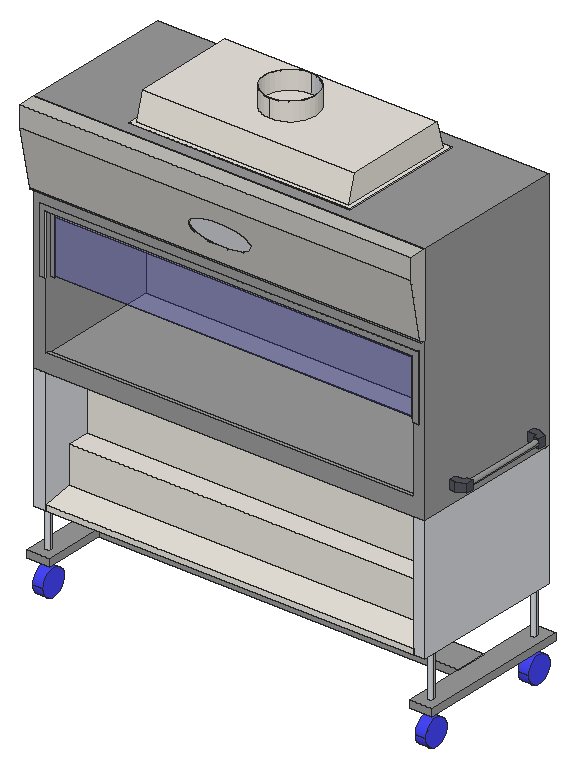
Revit family "NU-640 Class II Type A2 Animal Handling BSC W_NU-926", category Mechanical Equipment, Revit 2020
Family settings
  Round Connector Dimension = Use Diameter
  Part Type = Normal
  OmniClass Number = 23.75.00.00
  OmniClass Title = Climate Control (HVAC)
  Work Plane-Based = No
  Always vertical = Yes
  Cut with Voids When Loaded = No
  Shared = No
  Room Calculation Point = No
Parameters (values of type "NU-640-600_with NU-926 canopy")
  caster width = 6' - 1 1/8"
  Width = 6' - 2 43/64"
  Model = "NU-640-600 Class II Type A2 BSC"
  Manufacturer = "Nuaire Inc."
  Interior Width = 5' - 10 1/2"
  Exhaust Filter = 3' - 4 1/2"
  Description = "LabGard ES Energy Saver Class II, Type A2 Animal Handling Biosafety Cainet"
  Depth = 2' - 5 1/2"
  Default Elevation = 0' - 0"
  Cabinet Height = 3' - 10 9/16"
  Base Width = 6' - 5 53/128"
Types (4): name | caster width | Width | Model | Interior Width | Exhaust Filter | Base Width
  (no name) | 6' - 1 1/8" | 6' - 2 43/64" | "NU-640-600 Class II Type A2 BSC" | 5' - 10 1/2" | 3' - 4 1/2" | 6' - 5 53/128"
  NU-640-600_with NU-926 canopy | 6' - 1 1/8" | 6' - 2 43/64" | "NU-640-600 Class II Type A2 BSC" | 5' - 10 1/2" | 3' - 4 1/2" | 6' - 5 53/128"
  NU-640-500_with NU-926 canopy | 5' - 1 1/8" | 5' - 2 43/64" | "NU-640-500 Class II Type A2 BSC" | 4' - 10 1/2" | 2' - 10 1/2" | 5' - 5 53/128"
  NU-640-400_with NU-926 canopy | 4' - 1 1/8" | 4' - 2 43/64" | "NU-640-400 Class II Type A2 BSC" | 3' - 10 1/2" | 2' - 4 1/2" | 4' - 5 53/128"
Reference planes (in)
  plane 1 "Center (Front/Back)": y = 0
  plane 2: z = 0
  plane 3 "Center (Left/Right)": x = 0
  plane 4: z = 39.67188
  plane 5: z = 86.23438
  plane 6: z = 16.04747
  plane 7: z = 6.692
  plane 8: x = -35.25
  plane 9: x = 35.25
  plane 10: z = 84.10938
  plane 11: y = -13.75
  plane 12: y = -14.825
  plane 13: y = -13.5
  plane 14: y = -13.825
  plane 15: z = 8.067
  plane 16: z = 86.35937
  plane 17: z = 94.79687
  plane 18: z = 2.5
  plane 19: x = -36.5625
  plane 20: x = 36.5625
  plane 21: x = -35.5625
  plane 22: x = -37.55078
  plane 23: x = 35.5625
  plane 24: x = 37.55078
  plane 25: y = 12.3125
  plane 26: y = -12.3125
  plane 27: y = 14.5625
  plane 28: x = 25.67578
  plane 29: x = 23.4375
  plane 30: z = 44.35938
  plane 31: z = 42.85938
  plane 32: y = 11.0625
  plane 33: y = -9.0625
  plane 34: y = 8.9375
  plane 35: y = -10.1875
Forms (in)
  Extrusion 1, solid
    sketch origin (0, 0, 0) x (1, 0, 0) y (0, 1, 0)
      loop
        line (-37.33594, 14.75) -> (-37.33594, -14.75) -> (37.33594, -14.75) -> (37.33594, 14.75) -> (-37.33594, 14.75)
    from 39.67187 to 86.23437
  Extrusion 2, solid
    sketch origin (0, 0, 0) x (1, 0, 0) y (0, 1, 0)
      loop
        line (-37.33594, 14.75) -> (-37.33594, -14.75) -> (-35.16394, -14.75) -> (-35.16394, 14.75) -> (-37.33594, 14.75)
      loop
        line (37.33594, 14.75) -> (35.16394, 14.75) -> (35.16394, -14.75) -> (37.33594, -14.75) -> (37.33594, 14.75)
    from 16.04747 to 39.67187
  Extrusion 3, solid
    sketch origin (0, 0, 0) x (0, 1, 0) y (0, 0, 1)
      loop
        line (-4.875, 39.67187) -> (-4.875, 25.04687) -> (-9.1875, 25.04687) -> (-9.1875, 18.0187) -> (-14.75, 17.04747) -> (-14.75, 16.04747) -> (14.75, 16.04747) -> (14.75, 39.67187) -> (-4.875, 39.67187)
    from -35.16394 to 35.16394
  Extrusion 4, solid
    sketch origin (0, 0, 0) x (1, 0, 0) y (0, 1, 0)
      loop
        line (-38.70703, 14.75) -> (-38.70703, -14.75) -> (-34.39453, -14.75) -> (-34.39453, 14.75) -> (-38.70703, 14.75)
      loop
        line (38.70703, 14.75) -> (34.39453, 14.75) -> (34.39453, -14.75) -> (38.70703, -14.75) -> (38.70703, 14.75)
    from 6.692 to 8.067
  Extrusion 5, solid
    sketch origin (0, 0, 0) x (1, 0, 0) y (0, 1, 0)
      loop
        line (-34.39453, 3) -> (-34.39453, -3) -> (34.39453, -3) -> (34.39453, 3) -> (-34.39453, 3)
    from 6.692 to 8.067
  Extrusion 6, void
    sketch origin (0, 0, 0) x (0, 1, 0) y (0, 0, 1)
      loop
        line (-14.75, 43.04687) -> (-14.0625, 43.04687) -> (-14.0625, 42.67187) -> (9.2655, 42.67187) -> (9.2655, 67.29687) -> (-14.75, 67.29687) -> (-14.75, 43.04687)
    from -35.16394 to 35.16394
  Extrusion 7, solid
    sketch origin (0, 0, 0) x (0, 1, 0) y (0, 0, 1)
      loop
        line (-14.75, 86.23437) -> (-18.125, 86.23437) -> (-18.125, 82.23437) -> (-15.918, 71.01329)
        arc (-15.918, 71.01329) -> (-15.74495, 70.72351) -> (-15.42721, 70.60963) r 0.50019
        line (-15.42721, 70.60963) -> (-14.75, 70.60963) -> (-14.75, 86.23437)
    from -37.33594 to 37.33594
  Extrusion 8, void
    sketch origin (0, -18.125, 82.23437) x (0, -0.192986, 0.981202) y (1, 0, 0)
      loop
        spline (-5.8, -5.96875) -> (-5.18867, -5.76537) -> (-4.619, -5.16909) -> (-4.12981, -4.22054) -> (-3.75445, -2.98438) -> (-3.51848, -1.54483) -> (-3.438, 0) -> (-3.51848, 1.54483) -> (-3.75445, 2.98437) -> (-4.12981, 4.22054) -> (-4.619, 5.16909) -> (-5.18867, 5.76537) -> (-5.8, 5.96875)
        spline (-5.8, 5.96875) -> (-6.41133, 5.76537) -> (-6.981, 5.16909) -> (-7.47019, 4.22054) -> (-7.84555, 2.98438) -> (-8.08152, 1.54483) -> (-8.162, 0) -> (-8.08152, -1.54483) -> (-7.84555, -2.98437) -> (-7.47019, -4.22054) -> (-6.981, -5.16909) -> (-6.41133, -5.76537) -> (-5.8, -5.96875)
    from 0 to 0.09877
  Extrusion 9, void
    sketch origin (0, 0, 86.23437) x (0, 1, 0) y (1, 0, 0)
      loop
        line (11, -20.25) -> (11, 20.25) -> (-11.5, 20.25) -> (-11.5, -20.25) -> (11, -20.25)
    from 0 to 2.125
  Extrusion 10, solid
    sketch origin (37.33594, -14.75, 0) x (-1, 0, 0) y (0, 0, -1)
      loop
        line (73.57132, -55.85863) -> (72.49987, -55.85863) -> (72.49987, -67.29687) -> (2.172, -67.29687) -> (2.172, -55.85863) -> (1.1095, -55.85863) -> (1.1095, -68.35937) -> (73.57132, -68.35937) -> (73.57132, -55.85863)
    from 0 to 0.075
  Extrusion 11, solid
    sketch origin (0, 0, 0) x (1, 0, 0) y (0, 0, 1)
      loop
        line (-35.16394, 67.29687) -> (-35.16394, 55.85863) -> (35.16394, 55.85863) -> (35.16394, 67.29687) -> (-35.16394, 67.29687)
    from 13.5 to 13.75
  Extrusion 12, solid
    sketch origin (0, -13.75, 0) x (1, 0, 0) y (0, 0, 1)
      loop
        line (-34.16394, 55.85863) -> (-34.16394, 66.29687) -> (34.16394, 66.29687) -> (34.16394, 55.85863) -> (35.16394, 55.85863) -> (35.16394, 67.29687) -> (-35.16394, 67.29687) -> (-35.16394, 55.85863) -> (-34.16394, 55.85863)
    from 0 to 0.075
  Extrusion 13, solid
    sketch origin (0, 0, 0) x (1, 0, 0) y (0, 1, 0)
      loop
        line (-21.125, 11.875) -> (-21.125, -12.375) -> (21.125, -12.375) -> (21.125, 11.875) -> (-21.125, 11.875)
      loop
        line (-20.25, 11) -> (-20.25, -11.5) -> (20.25, -11.5) -> (20.25, 11) -> (-20.25, 11)
    from 86.23437 to 86.35937
  Extrusion 14, solid
    sketch origin (0, 0, 0) x (0, 1, 0) y (0, 0, 1)
      loop
        line (-11.5, 86.35937) -> (11, 86.35937) -> (9.54641, 91.29687) -> (-10.04641, 91.29687) -> (-11.5, 86.35937)
    from -20.25 to 20.25
  Extrusion 15, solid
    sketch origin (0, -10.04641, 91.29687) x (0, 1, 0) y (-1, 0, 0)
      loop
        circle (9.79641, 0) r 4.875
      loop
        circle (9.79641, 0) r 4.82813
    from 0 to 3.5
  Extrusion 16, solid
    sketch origin (0, 0, 0) x (0, 1, 0) y (0, 0, 1)
      loop
        circle (-12.3125, 2.5) r 2.5
      loop
        circle (12.3125, 2.5) r 2.5
    from 37.55078 to 35.5625
  Extrusion 17, solid
    sketch origin (0, 0, 0) x (0, 1, 0) y (0, 0, 1)
      loop
        circle (12.3125, 2.5) r 2.5
      loop
        circle (-12.3125, 2.5) r 2.5
    from -37.55078 to -35.5625
  Extrusion 18, solid
    sketch origin (0, 0, 0) x (1, 0, 0) y (0, 1, 0)
      loop
        circle (-36.5625, 12.3125) r 0.5
      loop
        circle (36.5625, 12.3125) r 0.5
      loop
        circle (36.5625, -12.3125) r 0.5
      loop
        circle (-36.5625, -12.3125) r 0.5
    from 8.067 to 16.04747
  Extrusion 19, void
    sketch origin (-37.33594, 14.75, 0) x (-1, 0, 0) y (0, 0, -1)
      loop
        circle (-1, -37.67188) r 0.5
    from 0 to 0.1875
  Extrusion 20, solid
    sketch origin (0, 0, 0) x (1, 0, 0) y (0, 1, 0)
      loop
        line (37.33594, 11.0625) -> (37.33594, 9.61476) -> (39.12094, 9.61476) -> (39.12094, 8.9375) -> (40.21094, 8.9375) -> (40.21094, 10.26278) -> (38.49594, 11.0625) -> (37.33594, 11.0625)
      loop
        line (37.33594, -9.0625) -> (38.49594, -9.0625) -> (40.21094, -8.43829) -> (40.21094, -6.9375) -> (39.12094, -6.9375) -> (39.12094, -7.6525) -> (37.33594, -7.6525) -> (37.33594, -9.0625)
    from 42.67187 to 44.35937
  Extrusion 21, solid
    sketch origin (0, 0, 0) x (1, 0, 0) y (0, 1, 0)
      loop
        line (-37.33594, 11.0625) -> (-38.49594, 11.0625) -> (-40.21094, 10.26278) -> (-40.21094, 8.9375) -> (-39.12094, 8.9375) -> (-39.12094, 9.61476) -> (-37.33594, 9.61476) -> (-37.33594, 11.0625)
      loop
        line (-37.33594, -9.0625) -> (-37.33594, -7.6525) -> (-39.12094, -7.6525) -> (-39.12094, -6.9375) -> (-40.21094, -6.9375) -> (-40.21094, -8.26278) -> (-38.49594, -9.0625) -> (-37.33594, -9.0625)
    from 42.67187 to 44.35937
  Extrusion 22, solid
    sketch origin (40.21094, 8.9375, 0) x (-1, 0, 0) y (0, 0, -1)
      loop
        circle (0.545, -43.51562) r 0.5
      loop
        circle (79.87688, -43.51562) r 0.5
    from 0 to 15.875
Cuts and joins
  Extrusion 6, Extrusion 8, Extrusion 9 cuts Extrusion 1
  Extrusion 8 cuts Extrusion 7
  Extrusion 19 cuts Extrusion 2
Dimensions and locks (in)
  equal spacing: Extrusion 1 sketch curve, plane 3 "Center (Left/Right)", Extrusion 1 sketch curve
  "Width": Extrusion 1 sketch curve to Extrusion 1 sketch curve
  equal spacing: Extrusion 1 sketch curve, plane 1 "Center (Front/Back)", Extrusion 1 sketch curve
  "Depth": Extrusion 1 sketch curve to Extrusion 1 sketch curve
  locked: plane 4 to plane 2 at 39.67188
  "Cabinet Height": plane 5 to plane 4
  locked: Extrusion 1 to Extrusion 2 sketch curve at 2.172
  locked: Extrusion 2 sketch curve to Extrusion 1 at 2.172
  locked: Extrusion 3 sketch curve to plane 6 at 1
  locked: Extrusion 2 to Extrusion 3 sketch curve at 9.875
  locked: Extrusion 2 to Extrusion 3 sketch curve at 14.625
  Extrusion 3 sketch curve to Extrusion 3 sketch curve = 0' - 4 5/16"
  locked: Extrusion 3 sketch curve to Extrusion 3 sketch curve at 7.02818
  equal spacing: Extrusion 4 sketch curve, plane 3 "Center (Left/Right)", Extrusion 4 sketch curve
  "Base Width": Extrusion 4 sketch curve to Extrusion 4 sketch curve
  locked: Extrusion 4 sketch curve to Extrusion 4 sketch curve at 4.3125  (x2)
  locked: Extrusion 5 sketch curve to Extrusion 5 sketch curve at 6
  equal spacing: Extrusion 5 sketch curve, plane 1 "Center (Front/Back)", Extrusion 5 sketch curve
  equal spacing: plane 8, plane 3 "Center (Left/Right)", plane 9
  "Interior Width": plane 8 to plane 9
  locked: Extrusion 1 to Extrusion 6 sketch curve at 0.6875
  locked: Extrusion 6 sketch curve to Extrusion 6 sketch curve at 0.375
  locked: Extrusion 6 sketch curve to Extrusion 6 sketch curve at 23.328
  locked: Extrusion 6 sketch curve to Extrusion 6 sketch curve at 24.625
  locked: Extrusion 6 sketch curve to plane 4 at 3.375
  locked: Extrusion 7 sketch curve to Extrusion 7 sketch curve at 3.375
  locked: Extrusion 7 sketch curve to Extrusion 7 sketch curve at 4
  Extrusion 7 sketch curve to Extrusion 7 sketch curve to cut or joined group of Extrusion 1, Extrusion 6, Extrusion 8, Extrusion 9 = 0' - 0.67721", 0' - 0" locked
  locked: Extrusion 7 sketch curve to Extrusion 7 sketch curve at 15.62474
  equal spacing: Extrusion 7, Extrusion 8 sketch curve, Extrusion 7
  Extrusion 7 to Extrusion 8 sketch curve = 0' - 5.8"
  equal spacing: Extrusion 9 sketch curve, plane 3 "Center (Left/Right)", Extrusion 9 sketch curve
  "Exhaust Filter": Extrusion 9 sketch curve to Extrusion 9 sketch curve
  locked: Extrusion 9 sketch curve to cut or joined group of Extrusion 1, Extrusion 6, Extrusion 8, Extrusion 9 at 3.75
  locked: Extrusion 9 sketch curve to Extrusion 9 sketch curve at 22.5
  Extrusion 10 sketch curve to Extrusion 10 sketch curve = 1' - 0.50075"
  locked: cut or joined group of Extrusion 1, Extrusion 6, Extrusion 8, Extrusion 9 to Extrusion 10 sketch curve at 1.07144
  locked: Extrusion 10 sketch curve to cut or joined group of Extrusion 1, Extrusion 6, Extrusion 8, Extrusion 9 at 1.0625  (x2)
  locked: Extrusion 12 sketch curve to Extrusion 10 at 1  (x2)
  locked: Extrusion 10 to Extrusion 12 sketch curve at 1
  locked: Extrusion 13 sketch curve to cut or joined group of Extrusion 1, Extrusion 6, Extrusion 8, Extrusion 9 at 0.875  (x2)
  locked: cut or joined group of Extrusion 1, Extrusion 6, Extrusion 8, Extrusion 9 to Extrusion 13 sketch curve at 0.875  (x2)
  locked: Extrusion 14 sketch curve to Extrusion 14 sketch curve at 4.9375
  equal spacing: Extrusion 14, Extrusion 15 sketch curve, Extrusion 14
  equal spacing: Extrusion 13, Extrusion 15 sketch curve, Extrusion 13
  equal spacing: plane 20, plane 3 "Center (Left/Right)", plane 19
  equal spacing: plane 24, plane 3 "Center (Left/Right)", plane 22
  equal spacing: plane 23, plane 3 "Center (Left/Right)", plane 21
  "caster width": plane 20 to plane 19
  plane 19 to plane 21 to plane 3 "Center (Left/Right)" = 0' - 1" locked, 2' - 11 9/16"
  locked: plane 22 to plane 19 at 0.98828
  Extrusion 16 sketch curve to plane 1 "Center (Front/Back)" = 1' - 0 5/16"
  plane 1 "Center (Front/Back)" to Extrusion 16 sketch curve = 1' - 0 5/16"
  Extrusion 17 sketch curve to plane 1 "Center (Front/Back)" = 1' - 0 5/16"
  plane 1 "Center (Front/Back)" to Extrusion 17 sketch curve = 1' - 0 5/16"
  equal spacing: plane 25, plane 1 "Center (Front/Back)", plane 26
  Extrusion 19 sketch curve to plane 4 = 0' - 2"
  Extrusion 2 to Extrusion 19 sketch curve = 0' - 1"
  Extrusion 16 to plane 28 = 0' - 11 7/8"
  cut or joined group of Extrusion 1, Extrusion 6, Extrusion 8, Extrusion 9 to plane 32 to plane 33 = 0' - 3 11/16" locked, 1' - 8 1/8" locked
  locked: cut or joined group of Extrusion 1, Extrusion 6, Extrusion 8, Extrusion 9 to Extrusion 20 sketch curve at 1.16
  locked: cut or joined group of Extrusion 1, Extrusion 6, Extrusion 8, Extrusion 9 to Extrusion 20 sketch curve at 2.875
  locked: Extrusion 20 sketch curve to Extrusion 20 sketch curve at 1.09
  Extrusion 20 sketch curve to Extrusion 20 sketch curve = 0' - 2 1/8"
  locked: Extrusion 20 sketch curve to Extrusion 20 sketch curve at 1.41
  locked: plane 33 to Extrusion 20 sketch curve at 2.125
  locked: Extrusion 21 sketch curve to cut or joined group of Extrusion 1, Extrusion 6, Extrusion 8, Extrusion 9 at 2.875
  locked: Extrusion 21 sketch curve to Extrusion 21 sketch curve at 1.09
  equal spacing: Extrusion 20, Extrusion 22 sketch curve, Extrusion 20  (x2)
  equal spacing: Extrusion 21, Extrusion 22 sketch curve, Extrusion 21  (x2)
  aligned and locked: level to plane 2
  aligned and locked: plane 5 to Extrusion 1
  aligned and locked: Extrusion 1 to plane 4
  aligned and locked: Extrusion 2 sketch curve to Extrusion 1  (x5)
  aligned and locked: Extrusion 1 to Extrusion 2 sketch curve
  aligned and locked: Extrusion 2 to Extrusion 1
  aligned and locked: Extrusion 2 to plane 6
  aligned and locked: Extrusion 3 sketch curve to plane 4
  aligned and locked: Extrusion 3 sketch curve to Extrusion 2  (x2)
  aligned and locked: plane 6 to Extrusion 3 sketch curve
  aligned and locked: Extrusion 3 to Extrusion 2  (x2)
  aligned and locked: Extrusion 4 sketch curve to Extrusion 4 sketch curve  (x2)
  aligned and locked: Extrusion 4 sketch curve to Extrusion 1
  aligned and locked: Extrusion 1 to Extrusion 4 sketch curve
  aligned and locked: Extrusion 4 to plane 7
  aligned and locked: Extrusion 4 to Extrusion 5 sketch curve  (x2)
  aligned and locked: Extrusion 4 to Extrusion 5  (x2)
  aligned and locked: Extrusion 1 to Extrusion 6 sketch curve
  aligned and locked: Extrusion 6 to Extrusion 2  (x2)
  aligned and locked: Extrusion 7 sketch curve to cut or joined group of Extrusion 1, Extrusion 6, Extrusion 8, Extrusion 9
  aligned and locked: plane 5 to Extrusion 7 sketch curve
  aligned and locked: Extrusion 2 to Extrusion 7
  aligned and locked: Extrusion 7 to Extrusion 2
  aligned and locked: Extrusion 1 to Extrusion 9
  aligned and locked: Extrusion 9 to plane 10
  aligned and locked: Extrusion 10 sketch curve to Extrusion 10 sketch curve
  aligned and locked: cut or joined group of Extrusion 1, Extrusion 6, Extrusion 8, Extrusion 9 to Extrusion 10 sketch curve
  aligned and locked: Extrusion 10 sketch curve to cut or joined group of Extrusion 1, Extrusion 6, Extrusion 8, Extrusion 9  (x2)
  aligned and locked: Extrusion 10 to cut or joined group of Extrusion 1, Extrusion 6, Extrusion 8, Extrusion 9
  aligned and locked: Extrusion 10 to plane 12
  aligned and locked: Extrusion 11 sketch curve to cut or joined group of Extrusion 1, Extrusion 6, Extrusion 8, Extrusion 9  (x2)
  aligned and locked: Extrusion 11 sketch curve to Extrusion 10  (x2)
  aligned and locked: Extrusion 11 to plane 11
  aligned and locked: plane 13 to Extrusion 11
  aligned and locked: Extrusion 12 sketch curve to Extrusion 10  (x3)
  aligned and locked: plane 11 to Extrusion 12
  aligned and locked: Extrusion 12 to plane 14
  aligned and locked: Extrusion 4 to plane 15
  aligned and locked: Extrusion 13 to plane 5
  aligned and locked: Extrusion 13 to plane 16
  aligned and locked: Extrusion 13 sketch curve to cut or joined group of Extrusion 1, Extrusion 6, Extrusion 8, Extrusion 9  (x4)
  aligned and locked: Extrusion 14 sketch curve to Extrusion 13
  aligned and locked: Extrusion 14 to cut or joined group of Extrusion 1, Extrusion 6, Extrusion 8, Extrusion 9  (x2)
  aligned and locked: Extrusion 15 to Extrusion 14
  aligned and locked: Extrusion 17 to plane 22
  aligned and locked: Extrusion 17 to plane 21
  aligned and locked: Extrusion 16 to plane 23
  aligned and locked: Extrusion 16 to plane 24
  aligned and locked: Extrusion 18 to Extrusion 4
  aligned and locked: Extrusion 18 to Extrusion 2
  aligned and locked: plane 27 to Extrusion 19
  aligned and locked: cut or joined group of Extrusion 1, Extrusion 6, Extrusion 8, Extrusion 9 to Extrusion 20 sketch curve
  aligned and locked: Extrusion 20 sketch curve to plane 34
  aligned and locked: Extrusion 20 sketch curve to cut or joined group of Extrusion 1, Extrusion 6, Extrusion 8, Extrusion 9
  aligned and locked: Extrusion 20 sketch curve to Extrusion 20 sketch curve  (x2)
  aligned and locked: Extrusion 20 to plane 30
  aligned and locked: cut or joined group of Extrusion 1, Extrusion 6, Extrusion 8, Extrusion 9 to Extrusion 20
  aligned and locked: Extrusion 21 sketch curve to cut or joined group of Extrusion 1, Extrusion 6, Extrusion 8, Extrusion 9
  aligned and locked: Extrusion 21 sketch curve to plane 32
  aligned and locked: Extrusion 21 sketch curve to Extrusion 20  (x3)
  aligned and locked: plane 34 to Extrusion 21 sketch curve
  aligned and locked: Extrusion 21 sketch curve to plane 33
  aligned and locked: plane 30 to Extrusion 21
  aligned and locked: Extrusion 21 to cut or joined group of Extrusion 1, Extrusion 6, Extrusion 8, Extrusion 9
  aligned and locked: Extrusion 22 to plane 34
  aligned and locked: Extrusion 22 to Extrusion 20
Automatic sketch dimensions
  Extrusion 7 sketch curve to Extrusion 7 sketch curve = 0' - 0.49079"
  Extrusion 8 sketch curve to Extrusion 8 sketch curve = 0' - 5 31/32"
  Extrusion 12 sketch curve to Extrusion 11 = 0' - 0"  (x2)
  plane 13 to Extrusion 14 sketch curve = 0' - 3.45359"
  Extrusion 14 sketch curve to plane 1 "Center (Front/Back)" = 0' - 9.54641"
  plane 13 to Extrusion 14 sketch curve = 0' - 2"
  Extrusion 14 sketch curve to Extrusion 14 sketch curve = 0' - 1.45359"
  Extrusion 15 sketch curve to Extrusion 15 sketch curve = 0' - 0"  (x2)
  Extrusion 16 sketch curve to plane 18 = 0' - 0"  (x2)
  Extrusion 17 sketch curve to plane 18 = 0' - 0"  (x2)
  Extrusion 18 sketch curve to plane 19 = 0' - 0"  (x2)
  Extrusion 18 sketch curve to plane 20 = 0' - 0"  (x2)
  Extrusion 18 sketch curve to plane 26 = 0' - 0"  (x2)
  Extrusion 18 sketch curve to plane 25 = 0' - 0"  (x2)
  plane 33 to Extrusion 20 sketch curve = 0' - 0"
  Extrusion 20 sketch curve to Extrusion 20 sketch curve = 0' - 0 5/8"
  Extrusion 20 sketch curve to plane 33 = 0' - 0.62421"
  Extrusion 20 sketch curve to plane 34 = 0' - 0.67726"
  plane 32 to Extrusion 20 sketch curve = 0' - 0.79972"
  Extrusion 21 sketch curve to plane 22 = 0' - 2 169/256"
  Extrusion 21 sketch curve to Extrusion 21 sketch curve = 0' - 1.09"
  Extrusion 21 sketch curve to plane 22 = 0' - 0.94516"  (x2)
  plane 22 to Extrusion 21 sketch curve = 0' - 0 55/256"  (x2)
  Extrusion 21 sketch curve to plane 33 = 0' - 0.79972"
  plane 32 to Extrusion 21 sketch curve = 0' - 0.79972"
  radius of Extrusion 15 sketch curve = 0' - 4 7/8"
  radius of Extrusion 15 sketch curve = 0' - 4 53/64"
  radius of Extrusion 16 sketch curve = 0' - 2 1/2"  (x2)
  radius of Extrusion 17 sketch curve = 0' - 2 1/2"  (x2)
  radius of Extrusion 18 sketch curve = 0' - 0 1/2"  (x4)
  radius of Extrusion 19 sketch curve = 0' - 0 1/2"
  radius of Extrusion 22 sketch curve = 0' - 0 1/2"  (x2)
Connectors (in)
  hvac at (0, -0.25, 94.79687)
    settings: on Extrusion 15, index 1, duct flow 0 CFM, flow factor 0, pres drop 0.00 in-wg, loss coef 0, conn angle 0.00°, conn width 12", conn height 12", conn diameter 10", duct sys type 1, conn prof type 0, flow config 0, flow direction 0, loss method 0, conn ref index -1, conn util no, is conn primary yes, conn desc ""
  electrical at (-36.33594, 14.5625, 37.67188)
    settings: on cut or joined group of Extrusion 2, Extrusion 19, index 2, voltage 120 V, apparent load 0 VA, apparent load phase1 0 VA, apparent load phase2 0 VA, apparent load phase3 0 VA, power factor 1, load classification "Other", number of poles 1, system type 31, power factor state 1, is connector primary yes, connector utility no, sub classification motor no, connector description ""
